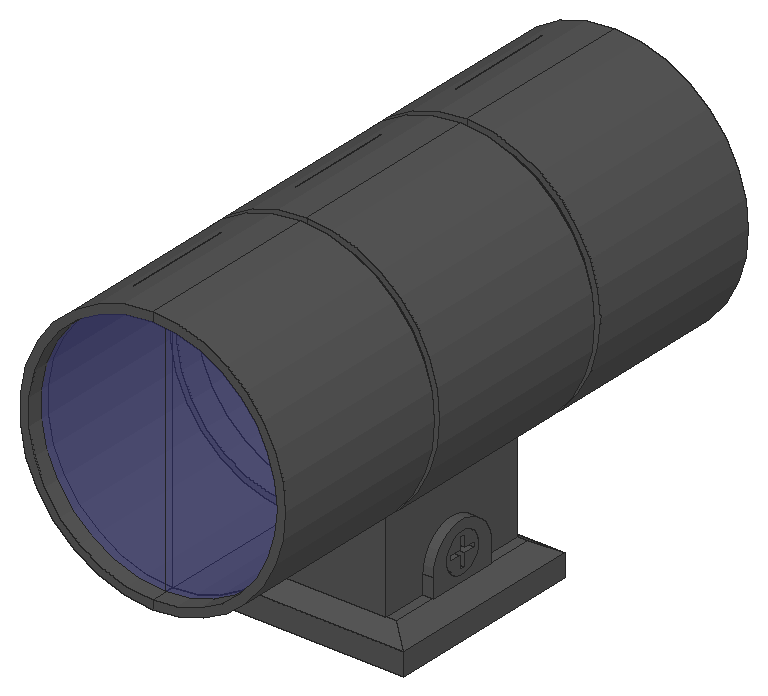
Revit family "CARLO CYLINDER LIGHT WALL MOUNT", category Lighting Fixtures, host Face, Revit 2020 (continued)
Types (10): name | Wattage_Input | Wattage Comments | Wattage | Photometric Web File | built-in parameter 1150142 | Model | built-in parameter 1150105 | Lumens | Light Length 1 | LIGHT RADIUS | LIGHT PLACEMENT | LIGHT LENGTH | LIGHT DIA | built-in parameter 1150106 | FIXED END HEIGHT | Curve base Height | Base Curve | BEAMING ANGLE | Apparent Load
    7 \r\n 140.83 142.37 144.24 146.45 149.09 152.29 156 160.12 164.97 170.75 \r\n 177.68 186.02 195.8 206.58 220.07 239.01 259.84 278.43 299.24 325.98 \r\n 356.8 391.37 428.86 468.46 509.9 552.37 596.66 643.6 692.2 741.84 \r\n 792.31 843.4 894.44 945 994.14 1040.7 1084.8 1126.1 1164.6 1200.4 \r\n 1233.2 1262.3 1289.4 1316.1 1341.8 1366.6 1389.5 1409.7 1426.9 1440.4 \r\n 1452.3 \r\n1448.4 1439 1423 1402.6 1379.4 1354.6 1328.4 1301.3 1273.9 1247.8 \r\n 1220.4 1190.1 1156.5 1118 1076 1030.9 983.32 933.96 883.59 832.99 \r\n 782.77 733.92 685.98 638.68 592.43 547.31 503.95 463.05 424.52 388.39 \r\n 354.96 324.4 297.12 273.94 253.79 235.82 220.15 206.64 195.15 185.59 \r\n 177.65 171.06 165.57 160.88 156.94 153.6 150.78 148.36 146.28 144.44 \r\n 142.85 141.52 140.35 139.27 138.24 137.19 136.16 135.19 134.27 133.36 \r\n 132.49 131.74 130.95 129.96 128.91 127.96 126.81 125.4 123.13 119.22 \r\n 114.26 108.6 102.26 95.294 87.962 80.545 73.029 65.492 57.948 50.354 \r\n 42.965 35.987 29.523 23.629 18.645 15.027 12.484 11.074 10.215 9.297 \r\n 8.451 7.5614 6.753 6.122 5.6399 5.3415 5.1343 4.9371 4.7502 4.5347 \r\n 4.3271 4.1573 4.0071 3.8722 3.7408 3.595 3.4487 3.3118 3.1785 3.0527 \r\n 2.9157 2.7357 2.5566 2.4249 2.3016 2.1595 2.0091 1.8453 1.6871 1.5626 \r\n 1.44 1.2855 1.1338 1.0155 0.90903 0.79933 0.69655 0.60517 0.52715 0.46839 \r\n 0.42152 0.38066 0.34726 0.32203 0.30128 0.28081 0.26293 0.24854 0.23757 0.23226 \r\n 0.22661 0.21656 0.20545 0.19527 0.18614 0.17995 0.17332 0.16149 0.15052 0.14711 \r\n 0.14461 0.13748 0.12916 0.12121 0.11374 0.10786 0.10203 0.094889 0.086989 0.077733 \r\n 0.069232 0.064584 0.060236 0.052499 0.044874 0.040553 0.036782 0.031726 0.025826 0.018401 \r\n 0.010985 0.0046214 0.000100 0 0 0 0 0 0 0 \r\n 0 0 0 0 0 0 0 0 0.000017 0.00068304 \r\n 0.0014071 0.0016458 0.0018859 0.002537 0.0032876 0.0030238 0.0045624 0.012051 0.020383 0.023442 \r\n 0.028405 0.044191 0.059454 0.06252 0.063292 0.069111 0.075979 0.082349 0.088205 0.092283 \r\n 0.096784 0.10438 0.1124 0.11842 0.12443 0.13193 0.13997 0.14831 0.15626 0.16217 \r\n 0.1686 0.1784 0.1891 0.19862 0.20861 0.21956 0.23358 0.25346 0.27777 0.30423 \r\n 0.3381 0.38204 0.44149 0.52804 0.62605 0.71985 0.82112 0.93783 1.0654 1.2088 \r\n 1.3474 1.4459 1.5531 1.7244 1.904 2.045 2.1771 2.3138 2.4571 2.6211 \r\n 2.7831 2.9187 3.047 3.1786 3.3154 3.4616 3.6212 3.8029 3.9967 4.1988 \r\n 4.3999 4.5626 4.7672 5.0079 5.5051 6.6114 7.9247 9.1589 10.318 11.284 \r\n 12.139 12.79 13.651 15.002 17.154 20.604 25.072 30.545 36.714 43.302 \r\n 50.203 57.188 64.339 71.686 79.158 86.767 94.289 101.63 108.41 114.2 \r\n 119 122.6 125.19 126.7 127.62 128.44 129.12 129.73 130.35 131.08 \r\n 131.84 132.59 133.35 134.15 134.98 135.84 136.72 137.53 138.42 139.48 \r\n 140.77 142.34 144.22 146.43 149.07 152.26 155.96 160.06 164.89 170.63 \r\n 177.52 185.82 195.54 206.22 219.49 237.88 258.31 277.31 298.62 325.34 \r\n 356 390.44 427.83 467.42 508.88 551.36 595.71 642.89 691.78 741.64 \r\n 792.24 843.29 894.21 944.56 993.55 1040.3 1084.6 1126.2 1165.1 1201.3 \r\n 1234.4 1263.7 1291 1317.9 1343.6 1367.7 1389.9 1409.7 1426.6 1439.9 \r\n 1452.3 \r\n1448.4 1439.9 1424.2 1404 1380.9 1355.9 1329.6 1303 1276.2 1250.3 \r\n 1223.2 1193.4 1160.2 1122 1080 1034.7 986.96 937.77 887.65 837.31 \r\n 787.23 738.24 690.04 642.41 595.87 550.75 507.44 466.49 427.81 391.35 \r\n 357.57 326.68 299.4 277.26 258.15 240.34 224.2 209.21 196.25 186.4 \r\n 178.51 171.77 166.16 161.43 157.46 154.06 151.18 148.74 146.65 144.79 \r\n 143.19 141.85 140.68 139.59 138.55 137.53 136.52 135.54 134.58 133.66 \r\n 132.79 132 131.18 130.21 129.17 128.18 126.99 125.61 123.42 119.56 \r\n 114.71 109.29 103.21 96.401 89.169 81.772 74.251 66.717 59.22 51.832 \r\n 44.602 37.521 30.836 24.64 19.383 15.679 13.124 11.719 10.872 9.9446 \r\n 9.0779 8.1625 7.3088 6.5913 6.0085 5.6117 5.317 5.0601 4.8349 4.6074 \r\n 4.3973 4.2164 4.0542 3.9073 3.7657 3.6143 3.4647 3.3253 3.1912 3.0675 \r\n 2.9334 2.7556 2.5764 2.4374 2.3077 2.1704 2.0248 1.8542 1.6889 1.5661 \r\n 1.4475 1.2953 1.1442 1.0217 0.91062 0.8016 0.69915 0.60213 0.5181 0.45739 \r\n 0.41057 0.37201 0.34067 0.31356 0.29089 0.27235 0.25659 0.24126 0.22907 0.22459 \r\n 0.21995 0.20871 0.19642 0.18708 0.17886 0.17171 0.1643 0.1542 0.14463 0.13922 \r\n 0.13447 0.12746 0.12001 0.11291 0.10626 0.10082 0.09546 0.089596 0.082375 0.071414 \r\n 0.060714 0.054721 0.049721 0.042682 0.036009 0.03164 0.027949 0.024032 0.019667 0.013825 \r\n 0.0080241 0.0033254 0.000073 0 0 0 0 0 0 0 \r\n 0 0 0 0 0 0 0 0 0.000053 0.0021697 \r\n 0.0044695 0.0052278 0.0059907 0.0080496 0.010443 0.011862 0.014639 0.022066 0.029958 0.033078 \r\n 0.037876 0.052514 0.066628 0.069406 0.070348 0.076834 0.084416 0.090907 0.096902 0.10181 \r\n 0.10701 0.11433 0.12187 0.12784 0.13378 0.14075 0.14831 0.15673 0.16496 0.1712 \r\n 0.1781 0.18881 0.20012 0.20893 0.21815 0.23018 0.2456 0.26596 0.29066 0.31814 \r\n 0.35283 0.39684 0.4555 0.539 0.63479 0.73167 0.83573 0.94881 1.0725 1.2173 \r\n 1.3585 1.4592 1.5668 1.7326 1.9075 2.0522 2.1881 2.3209 2.4588 2.6192 \r\n 2.7805 2.9231 3.0581 3.1864 3.3177 3.4604 3.6191 3.8069 4.0067 4.2059 \r\n 4.4042 4.5742 4.7848 5.0152 5.5068 6.6265 7.9777 9.3032 10.552 11.541 \r\n 12.414 13.143 14.07 15.388 17.513 21.053 25.614 31.098 37.235 43.733 \r\n 50.567 57.623 64.878 72.319 79.81 87.233 94.521 101.71 108.37 114.1 \r\n 118.85 122.35 124.84 126.32 127.24 128.09 128.81 129.45 130.09 130.82 \r\n 131.59 132.35 133.15 134.01 134.89 135.78 136.67 137.52 138.45 139.55 \r\n 140.87 142.48 144.39 146.57 149.18 152.36 156.05 160.13 164.92 170.66 \r\n 177.5 185.71 195.29 205.82 218.8 236.36 256.21 275.86 298 324.86 \r\n 355.42 389.67 426.85 466.35 507.82 550.49 595.08 642.38 691.41 741.6 \r\n 792.47 843.48 894.21 944.24 992.96 1039.7 1084.2 1126.3 1165.7 1202.2 \r\n 1235.7 1265.5 1293 1320.2 1345.8 1369.2 1390.5 1409.7 1426.3 1439.4 \r\n 1452.3 \r\n1448.4 1440.8 1425.7 1405.9 1382.9 1357.7 1331.3 1305.3 1279.2 1253.5 \r\n 1226.6 1197.3 1164.6 1126.5 1084.6 1039.1 991.37 942.36 892.51 842.42 \r\n 792.47 743.3 694.79 646.8 599.98 554.84 511.56 470.52 431.66 394.82 \r\n 360.64 329.34 302.03 280.99 262.96 245.21 228.46 211.95 197.5 187.34 \r\n 179.48 172.57 166.82 162.03 158.02 154.53 151.58 149.11 147.02 145.14 \r\n 143.53 142.18 141 139.9 138.86 137.87 136.89 135.88 134.89 133.98 \r\n 133.1 132.27 131.42 130.49 129.47 128.43 127.2 125.87 123.76 120.01 \r\n 115.31 110.14 104.3 97.66 90.538 83.192 75.691 68.149 60.682 53.498 \r\n 46.426 39.228 32.307 25.809 20.272 16.446 13.841 12.419 11.575 10.641 \r\n 9.7612 8.826 7.9286 7.1151 6.4168 5.9033 5.5054 5.1831 4.9185 4.6799 \r\n 4.4687 4.2769 4.1021 3.9418 3.7886 3.631 3.4781 3.3361 3.2015 3.0805 \r\n 2.9497 2.7746 2.5954 2.4485 2.3118 2.18 2.0397 1.8618 1.6885 1.568 \r\n 1.4539 1.3048 1.1545 1.0271 0.91094 0.80314 0.70149 0.59805 0.50713 0.44442 \r\n 0.39779 0.36142 0.332 0.3029 0.27825 0.26167 0.24814 0.23207 0.21877 0.21475 \r\n 0.21077 0.19842 0.18513 0.17679 0.16958 0.16136 0.1531 0.1451 0.13728 0.12963 \r\n 0.12227 0.11534 0.10882 0.10271 0.097063 0.092143 0.087294 0.082693 0.0761 0.063366 \r\n 0.050408 0.043042 0.037421 0.03124 0.025688 0.0213 0.017728 0.015106 0.012515 0.0086244 \r\n 0.0047921 0.0019379 0.000044 0 0 0 0 0 0 0 \r\n 0 0 0 0 0 0 0 0 0.000090 0.0036563 \r\n 0.0075319 0.0088099 0.010095 0.013554 0.017598 0.020789 0.024846 0.03202 0.039272 0.042495 \r\n 0.047148 0.060296 0.073015 0.075905 0.077462 0.084553 0.092657 0.099129 0.1052 0.11113 \r\n 0.11723 0.12424 0.13122 0.13713 0.14298 0.14944 0.15653 0.16486 0.17327 0.17989 \r\n 0.1874 0.19924 0.21133 0.21926 0.22749 0.2408 0.25787 0.27881 0.30408 0.33312 \r\n 0.36919 0.41359 0.47167 0.55243 0.64622 0.74618 0.85304 0.96276 1.0829 1.229 \r\n 1.3729 1.4766 1.5853 1.7453 1.9148 2.0625 2.2018 2.3309 2.4639 2.6208 \r\n 2.7811 2.9302 3.0711 3.1963 3.3223 3.4612 3.618 3.8095 4.0127 4.2076 \r\n 4.4024 4.5807 4.7963 5.0122 5.4849 6.5829 7.9332 9.3211 10.64 11.645 \r\n 12.536 13.343 14.338 15.632 17.742 21.392 26.065 31.554 37.653 44.071 \r\n 50.857 58.002 65.383 72.951 80.48 87.683 94.693 101.71 108.25 113.94 \r\n 118.65 122.05 124.44 125.89 126.82 127.72 128.48 129.17 129.84 130.57 \r\n 131.34 132.13 132.97 133.89 134.84 135.75 136.66 137.56 138.54 139.69 \r\n 141.05 142.71 144.65 146.82 149.39 152.55 156.23 160.3 165.08 170.81 \r\n 177.63 185.73 195.18 205.69 218.5 235.24 254.48 274.75 297.73 324.8 \r\n 355.36 389.43 426.41 465.81 507.3 550.26 595.16 642.56 691.68 742.19 \r\n 793.32 844.28 894.81 944.51 992.96 1039.6 1084.4 1126.9 1166.8 1203.7 \r\n 1237.5 1267.7 1295.6 1322.9 1348.3 1371 1391.4 1410 1426.1 1439.1 \r\n 1452.3 \r\n1448.4 1441.7 1427.2 1407.8 1385.1 1359.8 1333.3 1308 1282.5 1257 \r\n 1230.2 1201.4 1169.1 1131.2 1089.3 1043.9 996.05 947.22 897.6 847.75 \r\n 797.93 748.57 699.73 651.42 604.33 559.13 515.84 474.69 435.63 398.42 \r\n 363.85 332.12 304.73 284.66 267.59 249.79 232.43 214.55 198.77 188.33 \r\n 180.47 173.38 167.47 162.62 158.56 154.99 151.95 149.46 147.35 145.46 \r\n 143.82 142.47 141.29 140.17 139.13 138.17 137.23 136.19 135.17 134.26 \r\n 133.39 132.52 131.64 130.74 129.76 128.67 127.41 126.13 124.13 120.51 \r\n 115.98 111.03 105.41 98.921 91.914 84.644 77.185 69.635 62.184 55.182 \r\n 48.248 40.932 33.787 27.019 21.228 17.259 14.572 13.116 12.263 11.323 \r\n 10.436 9.4854 8.5475 7.6367 6.8195 6.1845 5.6796 5.2937 4.993 4.7449 \r\n 4.5342 4.3326 4.1462 3.9728 3.8079 3.6444 3.4882 3.3442 3.2093 3.0908 \r\n 2.9633 2.7909 2.6121 2.4578 2.3147 2.1881 2.0529 1.8676 1.6866 1.5685 \r\n 1.4592 1.3129 1.1636 1.0316 0.91078 0.80446 0.7038 0.59403 0.49629 0.43181 \r\n 0.38548 0.35095 0.32311 0.29223 0.26584 0.25094 0.23935 0.22276 0.20853 0.20457 \r\n 0.20085 0.18763 0.17367 0.16631 0.16005 0.15077 0.14171 0.13589 0.12989 0.12005 \r\n 0.1101 0.10318 0.097519 0.09241 0.087777 0.083374 0.078996 0.075509 0.069459 0.05514 \r\n 0.040173 0.031591 0.025453 0.020159 0.01572 0.011314 0.0078388 0.0064359 0.0055617 0.0037121 \r\n 0.0019105 0.00073677 0.000017 0 0 0 0 0 0 0 \r\n 0 0 0 0 0 0 0 0 0.00012158 0.0049499 \r\n 0.010197 0.011927 0.013668 0.018339 0.023825 0.028627 0.033817 0.040581 0.047087 0.050461 \r\n 0.055024 0.066542 0.07781 0.081209 0.083747 0.091288 0.099639 0.10596 0.11205 0.11904 \r\n 0.12612 0.13277 0.13914 0.14505 0.15091 0.15695 0.16359 0.1717 0.18012 0.18712 \r\n 0.1953 0.20836 0.22127 0.22825 0.23543 0.25006 0.26885 0.29034 0.31624 0.34711 \r\n 0.38494 0.43012 0.48808 0.56671 0.65897 0.76171 0.87113 0.97825 1.0955 1.2425 \r\n 1.3887 1.4962 1.6068 1.7614 1.9252 2.0747 2.2164 2.3429 2.4721 2.6258 \r\n 2.785 2.9388 3.0842 3.207 3.3287 3.4638 3.6177 3.8097 4.0133 4.2036 \r\n 4.3953 4.5824 4.8018 5.0009 5.4435 6.4871 7.7975 9.2118 10.573 11.592 \r\n 12.506 13.382 14.443 15.738 17.864 21.646 26.447 31.953 38.026 44.394 \r\n 51.158 58.394 65.899 73.603 81.176 88.153 94.875 101.71 108.12 113.77 \r\n 118.45 121.74 124.02 125.44 126.39 127.34 128.18 128.91 129.61 130.35 \r\n 131.12 131.94 132.82 133.81 134.83 135.76 136.7 137.65 138.69 139.9 \r\n 141.31 143.02 144.99 147.15 149.7 152.85 156.52 160.58 165.36 171.12 \r\n 177.94 185.93 195.3 205.97 218.81 234.84 253.5 274.28 297.97 325.34 \r\n 356 389.96 426.78 466.1 507.65 550.95 596.23 643.7 692.88 743.68 \r\n 795.04 845.93 896.25 945.68 993.9 1040.6 1085.4 1128.4 1168.9 1206 \r\n 1239.9 1270.5 1298.7 1326 1351.1 1373.1 1392.7 1410.7 1426.3 1438.9 \r\n 1452.3 \r\n1448.4 1442.5 1428.5 1409.7 1387.3 1361.9 1335.4 1310.7 1285.9 1260.5 \r\n 1233.8 1205.3 1173.4 1135.7 1093.8 1048.3 1000.5 951.82 902.37 852.74 \r\n 803.04 753.5 704.39 655.81 608.49 563.21 519.84 478.56 439.3 401.78 \r\n 366.87 334.76 307.22 287.82 271.4 253.48 235.58 216.68 199.94 189.26 \r\n 181.38 174.12 168.05 163.14 159.04 155.38 152.27 149.75 147.63 145.71 \r\n 144.06 142.7 141.52 140.38 139.33 138.4 137.48 136.43 135.39 134.48 \r\n 133.61 132.71 131.8 130.93 129.99 128.87 127.59 126.36 124.46 120.98 \r\n 116.62 111.84 106.39 100.04 93.142 85.968 78.575 71.023 63.58 56.713 \r\n 49.878 42.457 35.129 28.156 22.163 18.048 15.255 13.747 12.872 11.926 \r\n 11.036 10.074 9.1005 8.0996 7.1717 6.4234 5.8201 5.3797 5.0503 4.7955 \r\n 4.5862 4.3777 4.1821 3.9971 3.8218 3.6532 3.4946 3.3492 3.2145 3.098 \r\n 2.9729 2.803 2.6247 2.4649 2.3168 2.1943 2.0629 1.8714 1.6841 1.568 \r\n 1.4628 1.3192 1.1707 1.0353 0.9109 0.80605 0.70633 0.59117 0.48763 0.42188 \r\n 0.37597 0.34316 0.31586 0.28375 0.25614 0.24233 0.23201 0.21512 0.20022 0.19585 \r\n 0.19198 0.17829 0.16411 0.15756 0.152 0.14181 0.13211 0.12825 0.12389 0.1122 \r\n 0.10004 0.093055 0.088055 0.0838 0.080041 0.07605 0.072026 0.069378 0.063746 0.048286 \r\n 0.031869 0.022409 0.015933 0.011424 0.0079181 0.0034582 0 0 0 0 \r\n 0 0 0 0 0 0 0 0 0 0 \r\n 0 0 0 0 0 0 0 0 0.00014389 0.0058582 \r\n 0.012068 0.014115 0.016175 0.021693 0.028196 0.034193 0.040185 0.046415 0.052165 0.055741 \r\n 0.060308 0.070263 0.080213 0.08451 0.088317 0.096061 0.1043 0.11033 0.11637 0.12436 \r\n 0.13235 0.13861 0.14437 0.15038 0.15639 0.16218 0.16847 0.1762 0.18445 0.19178 \r\n 0.2006 0.21479 0.22849 0.23456 0.24077 0.25661 0.27697 0.29888 0.32533 0.35804 \r\n 0.39783 0.44428 0.50278 0.58025 0.67166 0.7766 0.8881 0.99386 1.1094 1.2567 \r\n 1.4045 1.5163 1.6297 1.7797 1.9381 2.0876 2.2302 2.3557 2.4833 2.6344 \r\n 2.7918 2.9479 3.0956 3.2174 3.3365 3.4682 3.6183 3.8066 4.0069 4.1937 \r\n 4.3841 4.5796 4.8012 4.9832 5.3868 6.3455 7.5769 8.9743 10.345 11.381 \r\n 12.326 13.25 14.369 15.708 17.901 21.835 26.782 32.331 38.413 44.778 \r\n 51.554 58.868 66.468 74.293 81.908 88.68 95.137 101.78 108.05 113.65 \r\n 118.29 121.45 123.63 125.03 126 127 127.9 128.69 129.42 130.17 \r\n 130.95 131.8 132.72 133.77 134.84 135.82 136.79 137.79 138.9 140.16 \r\n 141.63 143.39 145.4 147.55 150.09 153.24 156.91 160.99 165.8 171.61 \r\n 178.46 186.36 195.71 206.79 219.93 235.48 253.66 274.74 298.92 326.65 \r\n 357.55 391.49 428.22 467.52 509.17 552.88 598.57 646.12 695.32 746.34 \r\n 797.87 848.67 898.8 948.03 996.1 1042.7 1087.8 1131.2 1172.1 1209.2 \r\n 1243.3 1274 1302.4 1329.5 1354.3 1375.6 1394.5 1411.8 1426.8 1439 \r\n 1452.3 \r\n1448.4 1442.2 1428.3 1409.8 1387.7 1362.5 1336.2 1311.6 1287 1261.6 \r\n 1234.8 1206.4 1174.5 1136.5 1094.3 1048.8 1001.1 952.3 902.8 853.26 \r\n 803.7 754.29 705.28 656.78 609.43 563.86 520.19 478.79 439.53 402.19 \r\n 367.45 335.34 307.48 286.97 269.49 251.33 233.72 215.78 200 189.44 \r\n 181.41 174.1 167.99 163.06 158.97 155.32 152.21 149.7 147.58 145.65 \r\n 143.98 142.62 141.44 140.28 139.2 138.27 137.35 136.3 135.26 134.36 \r\n 133.48 132.56 131.63 130.76 129.83 128.78 127.56 126.35 124.45 121 \r\n 116.65 111.8 106.28 99.96 93.145 86.104 78.842 71.361 63.932 56.98 \r\n 50.049 42.608 35.306 28.441 22.535 18.358 15.47 13.912 13.006 12.051 \r\n 11.159 10.191 9.2037 8.1635 7.1928 6.4152 5.794 5.3549 5.0331 4.7802 \r\n 4.5733 4.3707 4.1801 3.9943 3.8168 3.6482 3.4905 3.3482 3.2156 3.0961 \r\n 2.9674 2.7965 2.6195 2.4657 2.3227 2.1965 2.0602 1.8691 1.6831 1.5671 \r\n 1.4614 1.316 1.1671 1.0368 0.91758 0.81274 0.71206 0.5979 0.49582 0.43181 \r\n 0.38693 0.35201 0.32373 0.29368 0.26789 0.25184 0.23881 0.22184 0.20708 0.20096 \r\n 0.19563 0.1833 0.17075 0.16375 0.15743 0.14735 0.13792 0.13413 0.12986 0.11846 \r\n 0.10648 0.099165 0.093722 0.089253 0.085281 0.080915 0.076506 0.073367 0.067718 0.053652 \r\n 0.038862 0.030303 0.02428 0.019649 0.015711 0.010802 0.006678 0.0049795 0.0043893 0.0044241 \r\n 0.004222 0.0021224 0.000039 0 0 0 0 0 0 0 \r\n 0 0 0 0 0 0 0 0 0.00011812 0.0048308 \r\n 0.0099099 0.011437 0.012957 0.017392 0.022695 0.027622 0.032683 0.038158 0.043484 0.047335 \r\n 0.052282 0.061883 0.071867 0.078181 0.083731 0.090518 0.097208 0.10257 0.10829 0.11651 \r\n 0.12468 0.1302 0.1354 0.14217 0.14918 0.15551 0.16188 0.16868 0.17596 0.18327 \r\n 0.19242 0.20708 0.22113 0.22681 0.23271 0.24876 0.26931 0.29072 0.31684 0.35004 \r\n 0.39119 0.44062 0.50238 0.58223 0.67534 0.78049 0.89255 1.0022 1.1209 1.2653 \r\n 1.4108 1.5286 1.6483 1.7984 1.9536 2.0956 2.2328 2.3649 2.5001 2.6504 \r\n 2.8034 2.951 3.0923 3.2196 3.3448 3.4747 3.6168 3.7843 3.967 4.1595 \r\n 4.3608 4.566 4.7825 4.9375 5.266 6.0452 7.0749 8.2992 9.5626 10.653 \r\n 11.684 12.569 13.7 15.293 17.791 21.924 27.054 32.821 39.118 45.696 \r\n 52.609 59.865 67.362 75.176 82.789 89.542 95.936 102.42 108.5 113.94 \r\n 118.44 121.44 123.48 124.86 125.85 126.87 127.79 128.6 129.37 130.16 \r\n 130.98 131.87 132.83 133.89 134.98 136 137.02 138.07 139.22 140.55 \r\n 142.09 143.91 145.96 148.17 150.75 153.94
